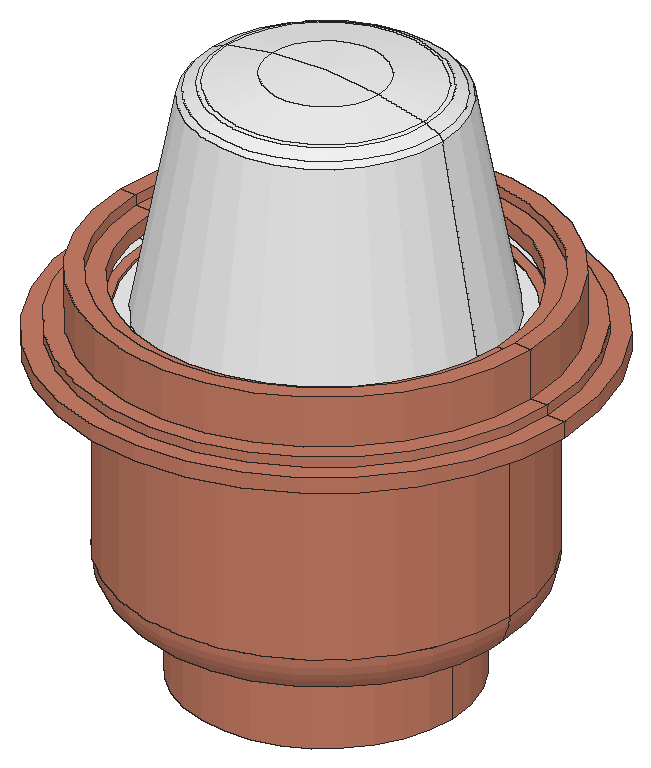
Revit family
Parameters (values of type "1330-04")
  Weight (lb) = 13.04
  Waste Connection = no
  Warranty = "1 year material and workmanship"  # constant formula
  Vent Connection = no
  URL = "http://www.jrsmith.com"
  Threaded = yes
  Technical and Installation = "http://www.jrsmith.com/products/roof/tech_data_index.htm"
  SmartBIM Object Version = 3  # constant formula
  SmartBIM Object Created By = "Reed Construction Data"  # constant formula
  Push On = yes
  Product URL = "http://www.jrsmith.com/products/roof/submittal/d1330.pdf"
  Pipe Radius = Pipe Diameter / 2  # 2"
  Pipe Diameter = 4"
  OmniClass Title = "Roof Drains"  # constant formula
  OmniClass Code = "22-22 14 26 13"  # constant formula
  No Hub = yes
  Model = "1330"  # constant formula
  Material Finish = Cast Iron
  Material = Duco coated
  Manufacturer = "Jay R. Smith Mfg. Co. "  # constant formula
  HW Connection = no
  Dome Free Area = "41.5"
  Description = "Duco cast iron body with combined flashing clamp and gravel stop with polyethylene dome"  # constant formula
  Default Elevation = 0"
  Connection Type = ""
  Caulk = yes
  CW Connection = no
  B = 3 1/2"
  Assembly Code = "D2040200"
  95 CSI = "15165"  # constant formula
  04 CSI = "22 14 35"  # constant formula
Types (4): name | Weight (lb) | Pipe Radius | Pipe Diameter | B
  (no name) | 13.04 | 2" | 4" | 3 1/2"
  1330-02 | 12.92 | 1" | 2" | 4 1/2"
  1330-03 | 12.96 | 1 1/2" | 3" | 4"
  1330-04 | 13.04 | 2" | 4" | 3 1/2"
Reference planes (in)
  plane 1 "Center (Front/Back)": y = 0
  plane 2: z = 0
  plane 3 "Center (Left/Right)": x = 0
  plane 4: z = -0.00055
  plane 5: z = -4.25055
  plane 6: z = -5.24664
Forms (in)
  Revolve 1, solid, material "Duco coated" <- "Material"
    sketch origin (0, -0.10318, -0.5367) x (1, 0, 0) y (0, 0, 1)
      loop
        line (0, 4.95342) -> (0, 4.60671) -> (0.95736, 4.54103) -> (1.73611, 4.38523) -> (1.77004, 4.37253) -> (1.8563, 4.27501) -> (2.51616, 0.84273) -> (3.45155, 0.84273) -> (3.45155, 1.07484) -> (2.77311, 1.07484) -> (2.10797, 4.53459) -> (2.02933, 4.61704) -> (1.8255, 4.72277) -> (1.75708, 4.7407) -> (0.95509, 4.89343) -> (0, 4.95342)
      axis (0, 4.95342) -> (0, 0.84273)
    angle from 0 to 360
  Revolve 2, solid, material "Cast Iron" <- "Material Finish"
    sketch origin (0, -0.10318, -0.28279) x (1, 0, 0) y (0, 0, 1)
      loop
        line (4.30165, 0.53615) -> (3.99248, 0.53615) -> (3.99248, 0.69773) -> (3.69325, 0.69773) -> (3.69325, 1.49051) -> (3.41288, 1.49051) -> (3.41288, 1.32615) -> (3.10351, 1.32615) -> (3.10351, 1.07484) -> (3.45155, 1.07484) -> (3.45155, 0.69773) -> (3.45155, 0.53615) -> (3.19053, 0.53615) -> (3.19053, 0.84273) -> (3.02616, 0.84273) -> (3.02616, -2.94821)
        arc (3.02616, -2.94821) -> (2.87971, -3.30176) -> (2.52616, -3.44821) r 0.5
        line (2.52616, -3.44821) -> (2, -3.44821) -> (2, -4.96385) -> (2.28038, -4.96385) -> (2.28038, -3.71385) -> (2.55654, -3.71385)
        arc (2.55654, -3.71385) -> (3.08687, -3.49418) -> (3.30654, -2.96385) r 0.75
        line (3.30654, -2.96385) -> (3.30654, 0) -> (4.30165, 0.28184) -> (4.30165, 0.53615)
      axis (0, 1.49051) -> (0, -4.96385)
    angle from 0 to 360
Lines and regions (in)
  model lines, not visible
    curve 1: line (0.17943, -2.18651, 4.15001) -> (0.17943, -2.67977, 1.58426)
    curve 2: line (0.47192, -2.67977, 1.58426) -> (0.47192, -2.18651, 4.15001)
    curve 3: line (0.17943, -2.67977, 1.58426) -> (0.47192, -2.67977, 1.58426)
    curve 4: arc (0.17943, -2.18651, 4.15001) -> (0.32567, -2.1589, 4.29363) -> (0.47192, -2.18651, 4.15001) r 0.14625
  symbolic lines
    curve 5: circle (0, 0, 0) r 4.30165 normal (0, 0, 1)
    curve 6: circle (0, 0, 0) r 2.77311 normal (0, 0, 1)
  model lines
    curve 7: line (0.17943, -2.28969, 3.61331) -> (0.17943, -2.78295, 1.04756)
    curve 8: line (0.47192, -2.78295, 1.04756) -> (0.47192, -2.28969, 3.61331)
    curve 9: line (0.17943, -2.78295, 1.04756) -> (0.47192, -2.78295, 1.04756)
    curve 10: arc (0.17943, -2.28969, 3.61331) -> (0.32567, -2.26208, 3.75693) -> (0.47192, -2.28969, 3.61331) r 0.14625
    curve 11: line (0.63011, -2.2046, 3.61331) -> (0.73266, -2.68709, 1.04756)
    curve 12: line (1.01876, -2.62628, 1.04756) -> (0.91621, -2.14379, 3.61331)
    curve 13: line (0.73266, -2.68709, 1.04756) -> (1.01876, -2.62628, 1.04756)
    curve 14: arc (0.63011, -2.2046, 3.61331) -> (0.76742, -2.14719, 3.75693) -> (0.91621, -2.14379, 3.61331) r 0.14625
    curve 15: line (-0.27909, -2.27921, 3.61331) -> (-0.38165, -2.7617, 1.04756)
    curve 16: line (-0.09555, -2.82251, 1.04756) -> (0.00701, -2.34003, 3.61331)
    curve 17: line (-0.38165, -2.7617, 1.04756) -> (-0.09555, -2.82251, 1.04756)
    curve 18: arc (-0.27909, -2.27921, 3.61331) -> (-0.1303, -2.28261, 3.75693) -> (0.00701, -2.34003, 3.61331) r 0.14625
    curve 19: line (-0.72542, -2.17363, 3.61331) -> (-0.92605, -2.62425, 1.04756)
    curve 20: line (-0.65884, -2.74322, 1.04756) -> (-0.45821, -2.2926, 3.61331)
    curve 21: line (-0.92605, -2.62425, 1.04756) -> (-0.65884, -2.74322, 1.04756)
    curve 22: arc (-0.72542, -2.17363, 3.61331) -> (-0.58058, -2.20789, 3.75693) -> (-0.45821, -2.2926, 3.61331) r 0.14625
    curve 23: line (-1.14004, -1.97757, 3.61331) -> (-1.42997, -2.37663, 1.04756)
    curve 24: line (-1.19334, -2.54855, 1.04756) -> (-0.90341, -2.14949, 3.61331)
    curve 25: line (-1.42997, -2.37663, 1.04756) -> (-1.19334, -2.54855, 1.04756)
    curve 26: arc (-1.14004, -1.97757, 3.61331) -> (-1.00549, -2.04119, 3.75693) -> (-0.90341, -2.14949, 3.61331) r 0.14625
    curve 27: line (-1.50483, -1.69958, 3.61331) -> (-1.8714, -2.02964, 1.04756)
    curve 28: line (-1.67568, -2.247, 1.04756) -> (-1.30912, -1.91694, 3.61331)
    curve 29: line (-1.8714, -2.02964, 1.04756) -> (-1.67568, -2.247, 1.04756)
    curve 30: arc (-1.50483, -1.69958, 3.61331) -> (-1.38646, -1.78979, 3.75693) -> (-1.30912, -1.91694, 3.61331) r 0.14625
    curve 31: line (-1.80386, -1.35182, 3.61331) -> (-2.23104, -1.59845, 1.04756)
    curve 32: line (-2.08479, -1.85176, 1.04756) -> (-1.65761, -1.60513, 3.61331)
    curve 33: line (-2.23104, -1.59845, 1.04756) -> (-2.08479, -1.85176, 1.04756)
    curve 34: arc (-1.80386, -1.35182, 3.61331) -> (-1.70682, -1.46467, 3.75693) -> (-1.65761, -1.60513, 3.61331) r 0.14625
    curve 35: line (-2.02405, -0.94949, 3.61331) -> (-2.49317, -1.10192, 1.04756)
    curve 36: line (-2.40278, -1.3801, 1.04756) -> (-1.93366, -1.22767, 3.61331)
    curve 37: line (-2.49317, -1.10192, 1.04756) -> (-2.40278, -1.3801, 1.04756)
    curve 38: arc (-2.02405, -0.94949, 3.61331) -> (-1.95259, -1.08005, 3.75693) -> (-1.93366, -1.22767, 3.61331) r 0.14625
    curve 39: line (-2.15577, -0.51018, 3.61331) -> (-2.64634, -0.56174, 1.04756)
    curve 40: line (-2.61576, -0.85263, 1.04756) -> (-2.1252, -0.80107, 3.61331)
    curve 41: line (-2.64634, -0.56174, 1.04756) -> (-2.61576, -0.85263, 1.04756)
    curve 42: arc (-2.15577, -0.51018, 3.61331) -> (-2.11303, -0.65274, 3.75693) -> (-2.1252, -0.80107, 3.61331) r 0.14625
    curve 43: line (-2.19328, -0.05307, 3.61331) -> (-2.68385, -0.00151, 1.04756)
    curve 44: line (-2.71442, -0.2924, 1.04756) -> (-2.22386, -0.34396, 3.61331)
    curve 45: line (-2.68385, -0.00151, 1.04756) -> (-2.71442, -0.2924, 1.04756)
    curve 46: arc (-2.19328, -0.05307, 3.61331) -> (-2.18111, -0.2014, 3.75693) -> (-2.22386, -0.34396, 3.61331) r 0.14625
    curve 47: line (-2.13494, 0.40184, 3.61331) -> (-2.60406, 0.55427, 1.04756)
    curve 48: line (-2.69445, 0.27609, 1.04756) -> (-2.22532, 0.12366, 3.61331)
    curve 49: line (-2.60406, 0.55427, 1.04756) -> (-2.69445, 0.27609, 1.04756)
    curve 50: arc (-2.13494, 0.40184, 3.61331) -> (-2.15387, 0.25422, 3.75693) -> (-2.22532, 0.12366, 3.61331) r 0.14625
    curve 51: line (-1.98328, 0.83469, 3.61331) -> (-2.41046, 1.08132, 1.04756)
    curve 52: line (-2.55671, 0.82801, 1.04756) -> (-2.12953, 0.58138, 3.61331)
    curve 53: line (-2.41046, 1.08132, 1.04756) -> (-2.55671, 0.82801, 1.04756)
    curve 54: arc (-1.98328, 0.83469, 3.61331) -> (-2.0325, 0.69423, 3.75693) -> (-2.12953, 0.58138, 3.61331) r 0.14625
    curve 55: line (-1.74495, 1.22654, 3.61331) -> (-2.11152, 1.5566, 1.04756)
    curve 56: line (-2.30724, 1.33923, 1.04756) -> (-1.94067, 1.00917, 3.61331)
    curve 57: line (-2.11152, 1.5566, 1.04756) -> (-2.30724, 1.33923, 1.04756)
    curve 58: arc (-1.74495, 1.22654, 3.61331) -> (-1.82229, 1.09938, 3.75693) -> (-1.94067, 1.00917, 3.61331) r 0.14625
    curve 59: line (-1.43036, 1.56028, 3.61331) -> (-1.72029, 1.95934, 1.04756)
    curve 60: line (-1.95692, 1.78741, 1.04756) -> (-1.66699, 1.38835, 3.61331)
    curve 61: line (-1.72029, 1.95934, 1.04756) -> (-1.95692, 1.78741, 1.04756)
    curve 62: arc (-1.43036, 1.56028, 3.61331) -> (-1.53244, 1.45198, 3.75693) -> (-1.66699, 1.38835, 3.61331) r 0.14625
    curve 63: line (-1.05325, 1.82131, 3.61331) -> (-1.25388, 2.27193, 1.04756)
    curve 64: line (-1.52108, 2.15297, 1.04756) -> (-1.32045, 1.70235, 3.61331)
    curve 65: line (-1.25388, 2.27193, 1.04756) -> (-1.52108, 2.15297, 1.04756)
    curve 66: arc (-1.05325, 1.82131, 3.61331) -> (-1.17562, 1.73661, 3.75693) -> (-1.32045, 1.70235, 3.61331) r 0.14625
    curve 67: line (-0.63011, 1.99824, 3.61331) -> (-0.73266, 2.48073, 1.04756)
    curve 68: line (-1.01876, 2.41991, 1.04756) -> (-0.91621, 1.93743, 3.61331)
    curve 69: line (-0.73266, 2.48073, 1.04756) -> (-1.01876, 2.41991, 1.04756)
    curve 70: arc (-0.63011, 1.99824, 3.61331) -> (-0.76742, 1.94083, 3.75693) -> (-0.91621, 1.93743, 3.61331) r 0.14625
    curve 71: line (-0.17943, 2.08333, 3.61331) -> (-0.17943, 2.57659, 1.04756)
    curve 72: line (-0.47192, 2.57659, 1.04756) -> (-0.47192, 2.08333, 3.61331)
    curve 73: line (-0.17943, 2.57659, 1.04756) -> (-0.47192, 2.57659, 1.04756)
    curve 74: arc (-0.17943, 2.08333, 3.61331) -> (-0.32567, 2.05572, 3.75693) -> (-0.47192, 2.08333, 3.61331) r 0.14625
    curve 75: line (0.27909, 2.07285, 3.61331) -> (0.38165, 2.55534, 1.04756)
    curve 76: line (0.09555, 2.61615, 1.04756) -> (-0.00701, 2.13366, 3.61331)
    curve 77: line (0.38165, 2.55534, 1.04756) -> (0.09555, 2.61615, 1.04756)
    curve 78: arc (0.27909, 2.07285, 3.61331) -> (0.1303, 2.07625, 3.75693) -> (-0.00701, 2.13366, 3.61331) r 0.14625
    curve 79: line (0.72542, 1.96727, 3.61331) -> (0.92605, 2.41789, 1.04756)
    curve 80: line (0.65884, 2.53686, 1.04756) -> (0.45821, 2.08624, 3.61331)
    curve 81: line (0.92605, 2.41789, 1.04756) -> (0.65884, 2.53686, 1.04756)
    curve 82: arc (0.72542, 1.96727, 3.61331) -> (0.58058, 2.00153, 3.75693) -> (0.45821, 2.08624, 3.61331) r 0.14625
    curve 83: line (1.14004, 1.77121, 3.61331) -> (1.42997, 2.17027, 1.04756)
    curve 84: line (1.19334, 2.34219, 1.04756) -> (0.90341, 1.94313, 3.61331)
    curve 85: line (1.42997, 2.17027, 1.04756) -> (1.19334, 2.34219, 1.04756)
    curve 86: arc (1.14004, 1.77121, 3.61331) -> (1.00549, 1.83483, 3.75693) -> (0.90341, 1.94313, 3.61331) r 0.14625
    curve 87: line (1.50483, 1.49322, 3.61331) -> (1.8714, 1.82328, 1.04756)
    curve 88: line (1.67568, 2.04064, 1.04756) -> (1.30912, 1.71058, 3.61331)
    curve 89: line (1.8714, 1.82328, 1.04756) -> (1.67568, 2.04064, 1.04756)
    curve 90: arc (1.50483, 1.49322, 3.61331) -> (1.38646, 1.58343, 3.75693) -> (1.30912, 1.71058, 3.61331) r 0.14625
    curve 91: line (1.80386, 1.14546, 3.61331) -> (2.23104, 1.39209, 1.04756)
    curve 92: line (2.08479, 1.6454, 1.04756) -> (1.65761, 1.39877, 3.61331)
    curve 93: line (2.23104, 1.39209, 1.04756) -> (2.08479, 1.6454, 1.04756)
    curve 94: arc (1.80386, 1.14546, 3.61331) -> (1.70682, 1.25831, 3.75693) -> (1.65761, 1.39877, 3.61331) r 0.14625
    curve 95: line (2.02405, 0.74313, 3.61331) -> (2.49317, 0.89556, 1.04756)
    curve 96: line (2.40278, 1.17374, 1.04756) -> (1.93366, 1.02131, 3.61331)
    curve 97: line (2.49317, 0.89556, 1.04756) -> (2.40278, 1.17374, 1.04756)
    curve 98: arc (2.02405, 0.74313, 3.61331) -> (1.95259, 0.87369, 3.75693) -> (1.93366, 1.02131, 3.61331) r 0.14625
    curve 99: line (2.15577, 0.30382, 3.61331) -> (2.64634, 0.35538, 1.04756)
    curve 100: line (2.61576, 0.64627, 1.04756) -> (2.1252, 0.59471, 3.61331)
    curve 101: line (2.64634, 0.35538, 1.04756) -> (2.61576, 0.64627, 1.04756)
    curve 102: arc (2.15577, 0.30382, 3.61331) -> (2.11303, 0.44638, 3.75693) -> (2.1252, 0.59471, 3.61331) r 0.14625
    curve 103: line (2.19328, -0.15329, 3.61331) -> (2.68385, -0.20485, 1.04756)
    curve 104: line (2.71442, 0.08604, 1.04756) -> (2.22386, 0.1376, 3.61331)
    curve 105: line (2.68385, -0.20485, 1.04756) -> (2.71442, 0.08604, 1.04756)
    curve 106: arc (2.19328, -0.15329, 3.61331) -> (2.18111, -0.00496, 3.75693) -> (2.22386, 0.1376, 3.61331) r 0.14625
    curve 107: line (2.13494, -0.6082, 3.61331) -> (2.60406, -0.76063, 1.04756)
    curve 108: line (2.69445, -0.48245, 1.04756) -> (2.22532, -0.33002, 3.61331)
    curve 109: line (2.60406, -0.76063, 1.04756) -> (2.69445, -0.48245, 1.04756)
    curve 110: arc (2.13494, -0.6082, 3.61331) -> (2.15387, -0.46058, 3.75693) -> (2.22532, -0.33002, 3.61331) r 0.14625
    curve 111: line (1.98328, -1.04105, 3.61331) -> (2.41046, -1.28768, 1.04756)
    curve 112: line (2.55671, -1.03437, 1.04756) -> (2.12953, -0.78774, 3.61331)
    curve 113: line (2.41046, -1.28768, 1.04756) -> (2.55671, -1.03437, 1.04756)
    curve 114: arc (1.98328, -1.04105, 3.61331) -> (2.0325, -0.90059, 3.75693) -> (2.12953, -0.78774, 3.61331) r 0.14625
    curve 115: line (1.74495, -1.4329, 3.61331) -> (2.11152, -1.76296, 1.04756)
    curve 116: line (2.30724, -1.54559, 1.04756) -> (1.94067, -1.21553, 3.61331)
    curve 117: line (2.11152, -1.76296, 1.04756) -> (2.30724, -1.54559, 1.04756)
    curve 118: arc (1.74495, -1.4329, 3.61331) -> (1.82229, -1.30574, 3.75693) -> (1.94067, -1.21553, 3.61331) r 0.14625
    curve 119: line (1.43036, -1.76664, 3.61331) -> (1.72029, -2.1657, 1.04756)
    curve 120: line (1.95692, -1.99377, 1.04756) -> (1.66699, -1.59471, 3.61331)
    curve 121: line (1.72029, -2.1657, 1.04756) -> (1.95692, -1.99377, 1.04756)
    curve 122: arc (1.43036, -1.76664, 3.61331) -> (1.53244, -1.65834, 3.75693) -> (1.66699, -1.59471, 3.61331) r 0.14625
    curve 123: line (1.05325, -2.02767, 3.61331) -> (1.25388, -2.47829, 1.04756)
    curve 124: line (1.52108, -2.35933, 1.04756) -> (1.32045, -1.90871, 3.61331)
    curve 125: line (1.25388, -2.47829, 1.04756) -> (1.52108, -2.35933, 1.04756)
    curve 126: arc (1.05325, -2.02767, 3.61331) -> (1.17562, -1.94297, 3.75693) -> (1.32045, -1.90871, 3.61331) r 0.14625
Dimensions and locks (in)
  locked: Revolve 2 sketch curve to Revolve 2 sketch curve at 0.28038  (x2)
  Revolve 2 sketch curve to Revolve 2 sketch curve to Revolve 2 sketch curve to Revolve 1 to Revolve 2 sketch curve to Revolve 2 sketch curve to Revolve 2 sketch curve = 0.16436" locked, 0.48341", 0.0218", 0.1232", 0.16157" locked, 0" locked
  locked: Revolve 2 sketch curve to Revolve 2 sketch curve at 0.70711
  locked: Revolve 2 sketch curve to Revolve 2 sketch curve at 1.06066
  locked: Revolve 2 sketch curve to Revolve 2 sketch curve at 3.30654
  Revolve 2 sketch curve to Revolve 2 sketch curve = 17/64"
  "Pipe Radius": Revolve 2 sketch curve to plane 3 "Center (Left/Right)"
  aligned and locked: plane 6 to Revolve 2
Automatic sketch dimensions
  curve 5 to curve 6 = 0"  (x2)
  curve 6 to plane 1 "Center (Front/Back)" = 0"
  curve 6 to plane 3 "Center (Left/Right)" = 0"
  plane 3 "Center (Left/Right)" to curve 7 = 0.17943"
  plane 3 "Center (Left/Right)" to curve 8 = 0.47192"
  curve 8 to curve 8 = 2.61274"
  Revolve 1 sketch curve to plane 3 "Center (Left/Right)" = 0"  (x2)
  plane 3 "Center (Left/Right)" to Revolve 1 sketch curve = 0.95509"
  Revolve 1 sketch curve to Revolve 1 sketch curve = 0.00227"
  Revolve 1 sketch curve to Revolve 1 sketch curve = 0.77875"
  Revolve 1 sketch curve to Revolve 1 sketch curve = 0.02097"
  Revolve 1 sketch curve to Revolve 1 sketch curve = 0.03393"
  Revolve 1 sketch curve to Revolve 1 sketch curve = 0.06842"
  Revolve 1 sketch curve to Revolve 1 sketch curve = 0.08626"
  Revolve 1 sketch curve to Revolve 1 sketch curve = 0.20383"
  Revolve 1 sketch curve to Revolve 1 sketch curve = 0.07864"
  level to Revolve 1 sketch curve = 0.30603"
  plane 3 "Center (Left/Right)" to Revolve 1 sketch curve = 2.51616"
  level to Revolve 1 sketch curve = 0.53814"
  Revolve 1 sketch curve to Revolve 1 sketch curve = 0.25695"
  Revolve 1 sketch curve to Revolve 1 sketch curve = 0.67844"
  Revolve 1 sketch curve to Revolve 1 sketch curve = 3.20017"
  Revolve 1 sketch curve to Revolve 1 sketch curve = 0.09752"
  Revolve 1 sketch curve to Revolve 1 sketch curve = 0.0127"
  Revolve 1 sketch curve to Revolve 1 sketch curve = 0.25958"
  Revolve 1 sketch curve to Revolve 1 sketch curve = 0.1558"
  Revolve 1 sketch curve to Revolve 1 sketch curve = 0.06568"
  Revolve 1 sketch curve to Revolve 1 sketch curve = 0.08244"
  Revolve 1 sketch curve to Revolve 1 sketch curve = 0.10573"
  Revolve 1 sketch curve to Revolve 1 sketch curve = 0.01793"
  Revolve 1 sketch curve to Revolve 1 sketch curve = 0.3524"
  Revolve 1 sketch curve to Revolve 1 sketch curve = 0.34671"
  Revolve 1 sketch curve to Revolve 1 sketch curve = 90.11161"
  Revolve 2 sketch curve to plane 3 "Center (Left/Right)" = 0"
  Revolve 2 sketch curve to plane 5 = 65/256"
  Revolve 2 sketch curve to Revolve 2 sketch curve = 0.07735"
  Revolve 2 sketch curve to Revolve 2 sketch curve = 0.16437"
  Revolve 2 sketch curve to Revolve 2 sketch curve = 0.30938"
  Revolve 2 sketch curve to Revolve 2 sketch curve = 0.26102"
  Revolve 2 sketch curve to Revolve 2 sketch curve = 0.28037"
  Revolve 2 sketch curve to Revolve 2 sketch curve = 0.29922"
  plane 4 to Revolve 2 sketch curve = 0.00041"
  Revolve 2 sketch curve to Revolve 2 sketch curve = 0.30917"
  Revolve 2 sketch curve to plane 5 = 133/256"
  plane 4 to Revolve 2 sketch curve = 0.28225"
  level to Revolve 2 sketch curve = 0.41493"
  Revolve 2 sketch curve to Revolve 2 sketch curve = 0.25131"
  Revolve 2 sketch curve to Revolve 2 sketch curve = 93.57453"
  curve 12 to curve 12 = 2.61274"
  curve 14 to curve 14 = 0.14625"
  curve 16 to curve 16 = 2.61274"
  curve 18 to curve 18 = 0.14625"
  curve 20 to curve 20 = 2.61274"
  curve 22 to curve 22 = 0.14625"
  curve 24 to curve 24 = 2.61274"
  curve 26 to curve 26 = 0.14625"
  curve 28 to curve 28 = 2.61274"
  curve 28 to curve 30 = 0.14625"
  curve 32 to curve 32 = 2.61274"
  curve 34 to curve 34 = 0.14625"
  curve 36 to curve 36 = 2.61274"
  curve 36 to curve 38 = 0.14625"
  curve 42 to curve 40 = 2.61274"
  curve 42 to curve 42 = 0.14625"
  curve 44 to curve 44 = 2.61274"
  curve 46 to curve 46 = 0.14625"
  curve 48 to curve 48 = 2.61274"
  curve 48 to curve 50 = 0.14625"
  curve 52 to curve 52 = 2.61274"
  curve 54 to curve 54 = 0.14625"
  curve 56 to curve 56 = 2.61274"
  curve 56 to curve 58 = 0.14625"
  curve 60 to curve 60 = 2.61274"
  curve 60 to curve 62 = 0.14625"
  curve 64 to curve 64 = 2.61274"
  curve 64 to curve 66 = 0.14625"
  curve 68 to curve 68 = 2.61274"
  curve 70 to curve 70 = 0.14625"
  curve 71 to plane 3 "Center (Left/Right)" = 0.17943"
  curve 72 to plane 3 "Center (Left/Right)" = 0.47192"
  curve 72 to curve 72 = 2.61274"
  curve 76 to curve 76 = 2.61274"
  curve 78 to curve 78 = 0.14625"
  curve 80 to curve 80 = 2.61274"
  curve 82 to curve 82 = 0.14625"
  curve 84 to curve 84 = 2.61274"
  curve 84 to curve 86 = 0.14625"
  curve 88 to curve 88 = 2.61274"
  curve 90 to curve 90 = 0.14625"
  curve 92 to curve 92 = 2.61274"
  curve 94 to curve 94 = 0.14625"
  curve 98 to curve 96 = 2.61274"
  curve 96 to curve 98 = 0.14625"
  curve 100 to curve 100 = 2.61274"
  curve 102 to curve 102 = 0.14625"
  curve 104 to curve 104 = 2.61274"
  curve 104 to curve 106 = 0.14625"
  curve 108 to curve 108 = 2.61274"
  curve 108 to curve 110 = 0.14625"
  curve 112 to curve 112 = 2.61274"
  curve 114 to curve 114 = 0.14625"
  curve 116 to curve 116 = 2.61274"
  curve 118 to curve 118 = 0.14625"
  curve 120 to curve 120 = 2.61274"
  curve 122 to curve 122 = 0.14625"
  curve 124 to curve 124 = 2.61274"
  curve 124 to curve 126 = 0.14625"
  plane 5 to Revolve 1 sketch curve = 42.94171"
  plane 5 to Revolve 2 sketch curve = 255/256"
  Revolve 2 sketch curve to Revolve 2 sketch curve = 42.71763"
  radius of curve 5 = 4.30165"
  radius of curve 6 = 2.77311"
Connectors (in)
  piping at (0, -0.10318, -5.24664), driven by "Pipe Radius"
    settings: on Revolve 2, index 4
